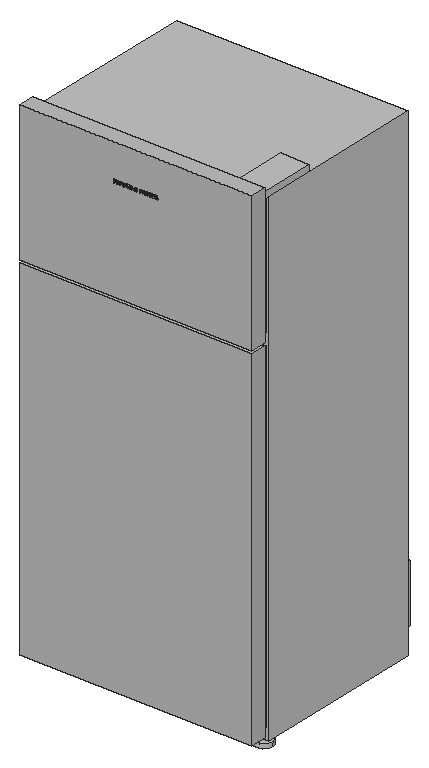
Revit family "FP_Revit_18_RF521TR_Fridges_90001134A", category Specialty Equipment, Revit 2018
Family settings
  Round Connector Dimension = Use Diameter
  Part Type = Normal
  OmniClass Number = 23.40.40.11.11.17
  OmniClass Title = Refrigerator-Freezer
  Work Plane-Based = No
  Always vertical = Yes
  Cut with Voids When Loaded = Yes
  Shared = No
  Room Calculation Point = No
Parameters (values of type "RF521TRZX6")
  Visibility - Clearance Required = yes
  URL = "www.fisherpaykel.com"
  Product - Width = 790 mm  # constant formula
  Product - Height = 1720 mm  # constant formula
  Product - Depth = 695 mm  # constant formula
  Model = "RF521TRZX6"
  Material - Door Structure = Fisher & Paykel - White
  Material - Door Front = Fisher & Paykel - Stainless Steel
  Material - Body = Fisher & Paykel - Grey
  Manufacturer = "Fisher & Paykel Appliances"
  Description = "79cm Freestanding Refrigerator with Bottom Freezer (Stainless)"
  Connector Description - Electrical = "230 V, 10 A, fused electrical supply"
  Chassis - Width = 790 mm  # constant formula
  Chassis - Height = 1662 mm  # constant formula
  Chassis - Depth = 625 mm  # constant formula
  Cavity - Width = 830 mm  # constant formula
  Cavity - Height = 1735 mm  # constant formula
  Cavity - Depth = 625 mm  # constant formula
Types (5, lengths in mm): name | Model | Material - Door Front | Description | Connector Description - Electrical
  (no name) | "RF521TRZX6" | Fisher & Paykel - Stainless Steel | "79cm Freestanding Refrigerator with Bottom Freezer (Stainless)" | "230 V, 10 A, fused electrical supply"
  RF521TRPX6 | "RF521TRPX6" | Fisher & Paykel - Stainless Steel | "79cm Freestanding Refrigerator with Bottom Freezer (Stainless)" | "230 V, 10 A, fused electrical supply"
  RF521TRZX6 | "RF521TRZX6" | Fisher & Paykel - Stainless Steel | "79cm Freestanding Refrigerator with Bottom Freezer (Stainless)" | "230 V, 10 A, fused electrical supply"
  RF521TRZW6 | "RF521TRZW6" | Fisher & Paykel - White | "79cm Freestanding Refrigerator with Bottom Freezer (White)" | "230 V, 10 A, fused electrical supply"
  RF521TRPW6 | "RF521TRPW6" | Fisher & Paykel - White | "79cm Freestanding Refrigerator with Bottom Freezer (White)" | "120 V, 10 A, fused electrical supply"
Reference planes
  plane 1 "Datum": y = 0
  plane 2: z = 0
  plane 3 "Center (Left/Right)": x = 0
  plane 4 "Product LHS": x = -395
  plane 5 "Product RHS": x = 395
  plane 6 "Product - Depth": y = 625
  plane 7 "Cavity LHS": x = -415
  plane 8 "Cavity RHS": x = 415
  plane 9 "Cavity - Depth": y = 625
  plane 10 "Handle Offset": x = 298
  plane 11 "Product Height": z = 1720
  plane 12 "Cavity Height": z = 1735
  plane 13 "Door Panel Front": y = -70
Forms (mm)
  Extrusion 1, solid, material "Fisher & Paykel - Grey" <- "Material - Body"
    sketch origin (0, 0, 0) x (0, 1, 0) y (0, 0, 1)
      loop
        line (0, 24) -> (595, 24) -> (595, 1686) -> (0, 1686) -> (0, 24)
    from -395 to 395
  Extrusion 2, solid, material "Fisher & Paykel - Grey" <- "Material - Body"
    sketch origin (0, 0, 0) x (1, 0, 0) y (0, 1, 0)
      loop
        circle (-365, 18.6) r 4.9
      loop
        circle (365, 18.6) r 4.9
    from 14 to 24
  Extrusion 3, solid, material "Fisher & Paykel - Grey" <- "Material - Body"
    sketch origin (0, 0, 0) x (1, 0, 0) y (0, 1, 0)
      loop
        circle (-365, 18.6) r 30
      loop
        circle (365, 18.6) r 30
    from 0 to 14
  Extrusion 4, solid, material "Fisher & Paykel - Grey" <- "Material - Body"
    sketch origin (0, 0, 0) x (1, 0, 0) y (0, 0, 1)
      loop
        circle (355.042, 69) r 5
    from -615 to -595
  Extrusion 5, solid, material "Fisher & Paykel - White" <- "Material - Door Structure"
    sketch origin (0, 0, 0) x (1, 0, 0) y (0, 1, 0)
      loop
        line (-387, 0) -> (-387, -15) -> (387, -15) -> (387, 0) -> (-387, 0)
    from 1269 to 1680
  Extrusion 6, solid, material "Fisher & Paykel - Stainless Steel" <- "Material - Door Front"
    sketch origin (0, 0, 0) x (1, 0, 0) y (0, 1, 0)
      loop
        line (-395, -15) -> (-395, -70) -> (395, -70) -> (395, -15) -> (-395, -15)
    from 1247 to 1720
  Extrusion 7, solid, material "Fisher & Paykel - Grey" <- "Material - Body", detail levels fine
    sketch origin (0, 0, -4) x (0, 1, 0) y (0, 0, 1)
      loop
        arc (62.091, 28) -> (87.5, 4) -> (112.909, 28) r 25.45
        line (112.909, 28) -> (62.091, 28)
      loop
        arc (503.639, 28) -> (529.047, 4) -> (554.456, 28) r 25.45
        line (554.456, 28) -> (503.639, 28)
    from 325.45 to 342.5
  Extrusion 8, solid, material "Fisher & Paykel - Clearance Required", visible <- "Visibility - Clearance Required", detail levels coarse
    sketch origin (0, 0, 0) x (1, 0, 0) y (0, 1, 0)
      loop
        line (-415, 625) -> (-415, -70) -> (530, -70) -> (530, 0) -> (415, 0) -> (415, 625) -> (-415, 625)
    from 0 to 1735
  Extrusion 9, void
    sketch origin (0, 0, 0) x (1, 0, 0) y (0, 1, 0)
      loop
        line (-415, 625) -> (-415, -70) -> (530, -70) -> (530, 0) -> (415, 0) -> (415, 625) -> (-415, 625)
    from 0 to 1735
  Extrusion 10, solid, material "Fisher & Paykel - Stainless Steel" <- "Material - Door Front"
    sketch origin (0, 0, 0) x (1, 0, 0) y (0, 1, 0)
      loop
        line (-395, -15) -> (-395, -70) -> (395, -70) -> (395, -15) -> (-395, -15)
    from 40 to 1237
  Extrusion 11, solid, material "Fisher & Paykel - White" <- "Material - Door Structure"
    sketch origin (0, 0, 0) x (1, 0, 0) y (0, 1, 0)
      loop
        line (-387, 0) -> (-387, -15) -> (387, -15) -> (387, 0) -> (-387, 0)
    from 62 to 1229
  Extrusion 12, solid, material "Fisher & Paykel - Grey" <- "Material - Body"
    sketch origin (229.237, 0, 0) x (0, 1, 0) y (0, 0, 1)
      loop
        line (595, 324) -> (595, 94) -> (625, 94) -> (625, 294) -> (595, 324)
    from -604.237 to 145.763
  Extrusion 13, solid, material "Fisher & Paykel - Grey" <- "Material - Body"
    sketch origin (0, 0, 0) x (0, 1, 0) y (0, 0, 1)
      loop
        line (595, 94) -> (595, 24) -> (625, 24) -> (625, 94) -> (595, 94)
    from -375 to 345
  Extrusion 14, solid, material "Fisher & Paykel - Grey" <- "Material - Body", detail levels fine
    sketch origin (0, 0, -4) x (0, 1, 0) y (0, 0, -1)
      loop
        line (62.091, -28) -> (112.909, -28)
        arc (112.909, -28) -> (87.5, -4) -> (62.091, -28) r 25.45
      loop
        line (503.639, -28) -> (554.456, -28)
        arc (554.456, -28) -> (529.047, -4) -> (503.639, -28) r 25.45
    from 325.45 to 342.5
  Extrusion 15, solid, material "Fisher & Paykel - Grey" <- "Material - Body"
    sketch origin (0, 0, 0) x (1, 0, 0) y (0, 1, 0)
      loop
        line (296.4, 174) -> (296.4, -15) -> (393.4, -15) -> (393.4, 174) -> (296.4, 174)
    from 1686 to 1708
  Extrusion 16, solid, material "Fisher & Paykel - Clearance Required", visible <- "Visibility - Clearance Required", detail levels coarse
    sketch origin (0, 0, 0) x (1, 0, 0) y (0, 1, 0)
      loop
        arc (-395, -70) -> (135.432, -761.124) -> (975.827, -531.456) r 781.226
        line (975.827, -531.456) -> (460.698, -70) -> (-395, -70)
    from 0 to 1735
  Extrusion 17, void
    sketch origin (0, 0, 0) x (1, 0, 0) y (0, 0, 1)
      loop
        line (-395, 1521.451) -> (-395, 1281.726)
        arc (-395, 1281.726) -> (-376.652, 1301.604) -> (-370, 1327.823) r 54.999
        line (-370, 1327.823) -> (-370, 1475.354)
        arc (-370, 1475.354) -> (-376.652, 1501.574) -> (-395, 1521.451) r 55
      loop
        line (-395, 1181.725) -> (-395, 797.001)
        arc (-395, 797.001) -> (-376.652, 816.878) -> (-370, 843.098) r 54.999
        line (-370, 843.098) -> (-370, 1135.628)
        arc (-370, 1135.628) -> (-376.652, 1161.848) -> (-395, 1181.725) r 55
    from 29 to 56
Cuts and joins
  joined: Extrusion 12, Extrusion 13
  Extrusion 17 cuts Extrusion 1
  Extrusion 17 cuts Extrusion 5
  Extrusion 17 cuts Extrusion 6
  Extrusion 17 cuts Extrusion 10
  Extrusion 17 cuts Extrusion 11
  Extrusion 17 cuts Extrusion 16
Text (mm)
  text "Due to ongoing product development, product details are subject to change without notice. \nPlease always refer to www.fisherpaykel.com for the most current product information. \n© Fisher & Paykel 2020" at (41.04, -848.295, 0), in view "Ref. Level (Plan)"
Dimensions and locks
  equal spacing: plane 4 "Product LHS", plane 3 "Center (Left/Right)", plane 5 "Product RHS"
  "Product - Width": plane 4 "Product LHS" to plane 5 "Product RHS"
  "Chassis - Depth": plane 1 "Datum" to plane 6 "Product - Depth"
  equal spacing: plane 7 "Cavity LHS", plane 3 "Center (Left/Right)", plane 8 "Cavity RHS"
  "Cavity - Width": plane 7 "Cavity LHS" to plane 8 "Cavity RHS"
  "Cavity - Depth": plane 9 "Cavity - Depth" to plane 1 "Datum"
  Extrusion 4 sketch curve to plane 5 "Product RHS" = 39.958 mm
  "Product - Height": level to plane 11 "Product Height"
  Extrusion 1 sketch curve to plane 11 "Product Height" = 34 mm
  "Cavity - Height": plane 12 "Cavity Height" to level
  "Product - Depth": plane 6 "Product - Depth" to cut or joined group of Extrusion 16, Extrusion 17
  "Chassis - Width": cut or joined group of Extrusion 1, Extrusion 17 to cut or joined group of Extrusion 1, Extrusion 17
  "Chassis - Height": cut or joined group of Extrusion 1, Extrusion 17 to cut or joined group of Extrusion 1, Extrusion 17
  plane 11 "Product Height" to nested 1 = 124 mm
  radius of Extrusion 4 sketch curve = 5 mm
  aligned and locked: level to plane 2
  aligned and locked: Extrusion 1 to plane 5 "Product RHS"
  aligned and locked: plane 4 "Product LHS" to Extrusion 1
  aligned and locked: Extrusion 6 sketch curve to plane 4 "Product LHS"
  aligned and locked: plane 5 "Product RHS" to Extrusion 6 sketch curve
  aligned and locked: Extrusion 1 sketch curve to plane 1 "Datum"
  aligned and locked: Extrusion 13 sketch curve to plane 6 "Product - Depth"
  aligned and locked: Extrusion 4 to Extrusion 1
  aligned and locked: Extrusion 15 to Extrusion 1
  aligned and locked: Extrusion 16 sketch curve to cut or joined group of Extrusion 6, Extrusion 17
  aligned and locked: Extrusion 16 to plane 12 "Cavity Height"
  aligned and locked: plane 4 "Product LHS" to Extrusion 17 sketch curve  (x2)
  aligned and locked: Extrusion 9 to Extrusion 8
  aligned and locked: plane 6 "Product - Depth" to Extrusion 12
Automatic sketch dimensions
  Extrusion 1 sketch curve to plane 6 "Product - Depth" = 30 mm
  level to Extrusion 1 sketch curve = 24 mm
  level to Extrusion 4 sketch curve = 69 mm
  plane 1 "Datum" to Extrusion 5 sketch curve = 0 mm
  Extrusion 5 sketch curve to plane 4 "Product LHS" = 8 mm
  plane 5 "Product RHS" to Extrusion 5 sketch curve = 8 mm
  plane 1 "Datum" to Extrusion 5 sketch curve = 15 mm
  plane 1 "Datum" to Extrusion 6 sketch curve = 70 mm
  plane 1 "Datum" to Extrusion 6 sketch curve = 15 mm
  level to Extrusion 7 sketch curve = 24 mm  (x2)
  Extrusion 7 sketch curve to plane 1 "Datum" = 62.091 mm
  Extrusion 7 sketch curve to Extrusion 7 sketch curve = 25.409 mm  (x2)
  Extrusion 7 sketch curve to plane 6 "Product - Depth" = 121.361 mm
  Extrusion 7 sketch curve to Extrusion 7 sketch curve = 1.45 mm  (x2)
  Extrusion 10 sketch curve to plane 4 "Product LHS" = 0 mm
  Extrusion 10 sketch curve to plane 5 "Product RHS" = 0 mm
  plane 1 "Datum" to Extrusion 10 sketch curve = 70 mm
  plane 1 "Datum" to Extrusion 10 sketch curve = 15 mm
  plane 1 "Datum" to Extrusion 11 sketch curve = 0 mm
  Extrusion 11 sketch curve to plane 4 "Product LHS" = 8 mm
  plane 5 "Product RHS" to Extrusion 11 sketch curve = 8 mm
  plane 1 "Datum" to Extrusion 11 sketch curve = 15 mm
  Extrusion 12 sketch curve to plane 6 "Product - Depth" = 0 mm
  Extrusion 12 sketch curve to plane 6 "Product - Depth" = 30 mm
  level to Extrusion 12 sketch curve = 94 mm
  Extrusion 12 sketch curve to Extrusion 12 sketch curve = 200 mm
  Extrusion 12 sketch curve to Extrusion 12 sketch curve = 30 mm
  Extrusion 13 sketch curve to Extrusion 13 sketch curve = 30 mm
  level to Extrusion 13 sketch curve = 24 mm
  Extrusion 13 sketch curve to Extrusion 13 sketch curve = 70 mm
  level to Extrusion 14 sketch curve = 24 mm  (x2)
  Extrusion 14 sketch curve to plane 1 "Datum" = 62.091 mm
  Extrusion 14 sketch curve to Extrusion 14 sketch curve = 25.409 mm  (x2)
  Extrusion 14 sketch curve to plane 6 "Product - Depth" = 121.361 mm
  level to Extrusion 14 sketch curve = 25.45 mm
  Extrusion 14 sketch curve to Extrusion 14 sketch curve = 1.45 mm
  Extrusion 3 sketch curve to plane 4 "Product LHS" = 30 mm
  plane 5 "Product RHS" to Extrusion 3 sketch curve = 30 mm
  Extrusion 3 sketch curve to plane 1 "Datum" = 18.6 mm  (x2)
  Extrusion 2 sketch curve to plane 4 "Product LHS" = 30 mm
  plane 5 "Product RHS" to Extrusion 2 sketch curve = 30 mm
  Extrusion 2 sketch curve to plane 1 "Datum" = 18.6 mm  (x2)
  Extrusion 9 sketch curve to plane 7 "Cavity LHS" = 0 mm
  Extrusion 9 sketch curve to plane 8 "Cavity RHS" = 0 mm
  plane 1 "Datum" to Extrusion 9 sketch curve = 0 mm
  Extrusion 9 sketch curve to plane 9 "Cavity - Depth" = 0 mm
  Extrusion 9 sketch curve to Extrusion 9 sketch curve = 115 mm
  plane 1 "Datum" to Extrusion 9 sketch curve = 70 mm
  Extrusion 16 sketch curve to plane 7 "Cavity LHS" = 20 mm
  plane 5 "Product RHS" to Extrusion 16 sketch curve = 10.329 mm
  plane 1 "Datum" to Extrusion 16 sketch curve = 531.456 mm
  plane 1 "Datum" to Extrusion 16 sketch curve = 20.723 mm
  Extrusion 16 sketch curve to plane 8 "Cavity RHS" = 45.698 mm
  plane 10 "Handle Offset" to Extrusion 15 sketch curve = 1.6 mm
  plane 5 "Product RHS" to Extrusion 15 sketch curve = 1.6 mm
  plane 1 "Datum" to Extrusion 15 sketch curve = 15 mm
  Extrusion 15 sketch curve to plane 1 "Datum" = 174 mm
  plane 7 "Cavity LHS" to Extrusion 17 sketch curve = 9.999 mm  (x2)
  plane 7 "Cavity LHS" to Extrusion 17 sketch curve = 10 mm  (x2)
  Extrusion 17 sketch curve to plane 4 "Product LHS" = 25 mm  (x2)
  level to Extrusion 17 sketch curve = 797.001 mm
  Extrusion 17 sketch curve to Extrusion 17 sketch curve = 292.53 mm
  Extrusion 17 sketch curve to Extrusion 17 sketch curve = 100.001 mm
  Extrusion 17 sketch curve to Extrusion 17 sketch curve = 147.531 mm
  Extrusion 8 sketch curve to plane 6 "Product - Depth" = 0 mm
  Extrusion 8 sketch curve to plane 7 "Cavity LHS" = 0 mm
  plane 1 "Datum" to Extrusion 8 sketch curve = 0 mm
  Extrusion 8 sketch curve to plane 8 "Cavity RHS" = 0 mm
  Extrusion 8 sketch curve to plane 8 "Cavity RHS" = 115 mm
  plane 1 "Datum" to Extrusion 8 sketch curve = 70 mm
  radius of Extrusion 3 sketch curve = 30 mm  (x2)
  radius of Extrusion 2 sketch curve = 4.9 mm  (x2)
Nested families
  nested 1: "F&P Logo 150mm" at (0, -70, 1596), type "F&P Logo 150mm"
Connectors
  electrical at (355.042, 615, 69), driven by "Connector Description - Electrical"
    settings: on Extrusion 4, index 2, voltage 230 V, apparent load 0 VA, apparent load phase1 0 VA, apparent load phase2 0 VA, apparent load phase3 0 VA, power factor 1, load classification "Other", number of poles 1, system type 30, power factor state 1, is connector primary yes, connector utility no, sub classification motor no, connector description "230 V, 10 A, fused electrical supply"
Definition of nested family "F&P Logo 150mm"
  Parameters (values of type "F&P Logo 150mm")
    URL = "www.fisherpaykel.com"
    Material - Logo = none
    Manufacturer = "Fisher & Paykel Appliances"
  Reference planes
    plane 1 "Center (Front/Back)": y = 0
    plane 2: z = 0
    plane 3 "Center (Left/Right)": x = 0
  Forms (mm)
    Extrusion 1, solid, material <- "Material - Logo", detail levels fine
      sketch origin (0, 0, 0) x (1, 0, 0) y (0, 0, 1)
        loop
          line (-74.994, 0) -> (-72.633, 0) -> (-72.633, 3.207) -> (-68.944, 3.207) -> (-68.944, 5.208) -> (-72.633, 5.208) -> (-72.633, 7.068) -> (-68.62, 7.068) -> (-68.62, 9.06) -> (-74.994, 9.06) -> (-74.994, 0)
        loop
          line (-64.134, 9.06) -> (-64.134, 0) -> (-61.773, 0) -> (-61.773, 9.06) -> (-64.134, 9.06)
        loop
          line (-46.015, 9.06) -> (-46.015, 0) -> (-43.654, 0) -> (-43.654, 3.63) -> (-40.187, 3.63) -> (-40.187, 0) -> (-37.826, 0) -> (-37.826, 9.06) -> (-40.187, 9.06) -> (-40.187, 5.622) -> (-43.654, 5.622) -> (-43.654, 9.06) -> (-46.015, 9.06)
        loop
          line (-32.787, 9.06) -> (-32.787, 0) -> (-26.332, 0) -> (-26.332, 1.992) -> (-30.448, 1.992) -> (-30.448, 3.63) -> (-26.686, 3.63) -> (-26.686, 5.622) -> (-30.448, 5.622) -> (-30.448, 7.068) -> (-26.332, 7.068) -> (-26.332, 9.06) -> (-32.787, 9.06)
        loop
          line (68.572, 9.06) -> (68.572, 0) -> (75.006, 0) -> (75.006, 1.992) -> (70.933, 1.992) -> (70.933, 9.06) -> (68.572, 9.06)
        loop
          line (63.719, 9.06) -> (57.241, 9.06) -> (57.241, 0) -> (63.719, 0) -> (63.719, 1.992) -> (59.602, 1.992) -> (59.602, 3.63) -> (63.364, 3.63) -> (63.364, 5.622) -> (59.602, 5.622) -> (59.602, 7.068) -> (63.719, 7.068) -> (63.719, 9.06)
        loop
          line (50.248, 4.722) -> (53.597, 9.06) -> (50.837, 9.06) -> (47.945, 5.313) -> (47.945, 9.06) -> (45.585, 9.06) -> (45.585, 0) -> (47.945, 0) -> (47.945, 4.058) -> (50.926, 0) -> (53.716, 0) -> (50.248, 4.722)
        loop
          line (33.043, 9.06) -> (36.466, 3.63) -> (36.466, 0) -> (38.827, 0) -> (38.827, 3.511) -> (42.25, 9.06) -> (39.742, 9.06) -> (37.721, 5.561) -> (35.701, 9.06) -> (33.043, 9.06)
        loop
          line (27.79, 9.06) -> (25.547, 9.06) -> (21.858, 0) -> (24.175, 0) -> (24.824, 1.668) -> (28.454, 1.668) -> (29.103, 0) -> (31.479, 0) -> (27.79, 9.06)
        loop
          line (27.671, 3.659) -> (26.612, 6.261) -> (25.599, 3.659) -> (27.671, 3.659)
        loop
          line (12.119, 9.06) -> (12.119, 0) -> (14.48, 0) -> (14.48, 2.907) -> (15.971, 2.907)
          arc (15.971, 2.907) -> (19.048, 5.983) -> (15.971, 9.06) r 3.077
          line (15.971, 9.06) -> (12.119, 9.06)
        loop
          line (14.48, 7.068) -> (14.48, 4.796) -> (15.824, 4.796)
          arc (15.824, 4.796) -> (16.96, 5.932) -> (15.824, 7.068) r 1.136
          line (15.824, 7.068) -> (14.48, 7.068)
        loop
          line (-17.602, 9.06) -> (-21.477, 9.06) -> (-21.477, 0) -> (-19.116, 0) -> (-19.116, 2.522) -> (-18.311, 2.522) -> (-16.387, 0) -> (-13.657, 0) -> (-15.969, 2.959)
          arc (-15.969, 2.959) -> (-14.445, 6.636) -> (-17.602, 9.06) r 3.269
        loop
          line (-17.774, 7.068) -> (-19.116, 7.068) -> (-19.116, 4.579) -> (-17.774, 4.579)
          arc (-17.774, 4.579) -> (-16.529, 5.823) -> (-17.774, 7.068) r 1.244
        loop
          line (0.788, 7.068) -> (0.788, 9.229) -> (-5.291, 9.229) -> (-5.291, 7.276) -> (-4.389, 6.167)
          arc (-4.389, 6.167) -> (-5.193, 1.025) -> (0.005, 0.768) r 3.5
          line (0.005, 0.768) -> (0.63, 0) -> (3.308, 0) -> (1.362, 2.391) -> (3.12, 4.924) -> (0.694, 4.924) -> (0.053, 4) -> (-2.443, 7.068) -> (0.788, 7.068)
        loop
          arc (-3.116, 4.603) -> (-3.331, 2.502) -> (-1.23, 2.286) r 1.493
          line (-1.23, 2.286) -> (-3.116, 4.603)
        loop
          line (-52.698, 5.451) -> (-54.701, 5.866)
          arc (-54.701, 5.866) -> (-55.501, 6.665) -> (-54.701, 7.465) r 0.799
          arc (-54.701, 7.465) -> (-52.78, 7.185) -> (-51.017, 6.371) r 6.757
          line (-51.017, 6.371) -> (-51.017, 8.615)
          arc (-51.017, 8.615) -> (-53.252, 9.269) -> (-55.578, 9.164) r 7.089
          arc (-55.578, 9.164) -> (-57.732, 6.502) -> (-55.578, 3.841) r 2.721
          line (-55.578, 3.841) -> (-53.559, 3.423)
          arc (-53.559, 3.423) -> (-52.76, 2.623) -> (-53.559, 1.824) r 0.799
          arc (-53.559, 1.824) -> (-55.481, 2.103) -> (-57.244, 2.917) r 6.757
          line (-57.244, 2.917) -> (-57.244, 0.674)
          arc (-57.244, 0.674) -> (-55.009, 0.02) -> (-52.682, 0.125) r 7.089
          arc (-52.682, 0.125) -> (-50.529, 2.795) -> (-52.698, 5.451) r 2.721
      from 0 to 0.8
  Dimensions and locks
    aligned and locked: level to plane 2
